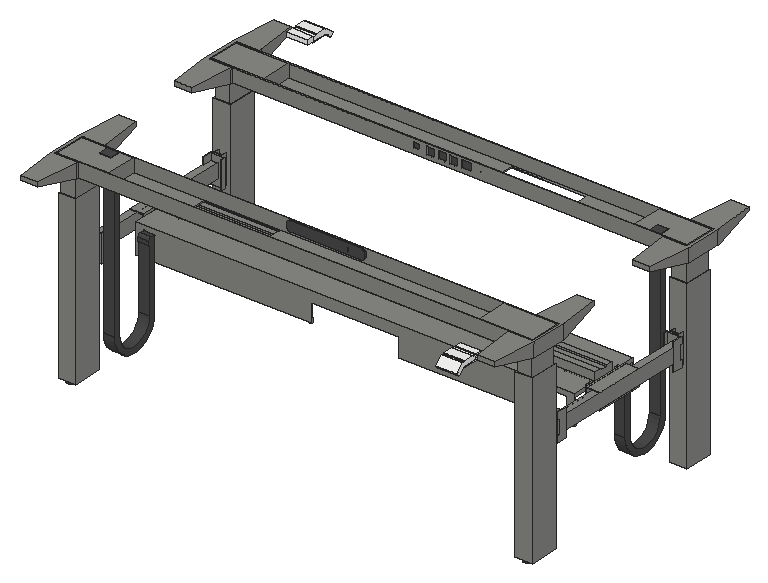
Revit family "Support-Teknion-HNBFNA_Navigate_Frame-R2016", category Furniture, Revit 2016 (continued)
Lines and regions (in)
  symbolic lines, style "Furniture", visible <- "Navigate Link (B)"
    curve 360: line (32.31575, 9.19492, 0) -> (32.42031, 9.19492, 0)
    curve 361: line (32.42031, 9.19492, 0) -> (32.42031, 10.46839, 0)
    curve 362: line (39.54728, -10.57295, 0) -> (39.54728, -9.19492, 0)
    curve 363: line (39.54728, -9.19492, 0) -> (39.44272, -9.19492, 0)
    curve 364: line (39.44272, -9.19492, 0) -> (39.44272, -10.46839, 0)
    curve 365: line (38.16933, -10.57295, 0) -> (39.54728, -10.57295, 0)
    curve 366: line (38.16933, -10.46839, 0) -> (38.16933, -10.57295, 0)
    curve 367: line (32.42031, -10.46839, 0) -> (39.44272, -10.46839, 0)
    curve 368: line (39.44272, -9.46839, 0) -> (32.42031, -9.46839, 0)
    curve 369: line (32.42031, -9.19492, 0) -> (32.31575, -9.19492, 0)
    curve 370: line (32.42031, -10.46839, 0) -> (32.42031, -9.19492, 0)
    curve 371: line (33.6937, -10.57295, 0) -> (33.6937, -10.46839, 0)
    curve 372: line (32.31575, -10.57295, 0) -> (33.6937, -10.57295, 0)
    curve 373: line (32.42031, 10.34339, 0) -> (39.44272, 10.34339, 0)
    curve 374: line (39.44272, 9.59339, 0) -> (32.42031, 9.59339, 0)
    curve 375: line (32.42031, -9.59339, 0) -> (39.44272, -9.59339, 0)
    curve 376: line (39.44272, -10.34339, 0) -> (32.42031, -10.34339, 0)
  reference lines, not visible
    curve 377: line (-35, -24, 0) -> (35, -24, 0)
    curve 378: line (-35, 24, 0) -> (35, 24, 0)
    curve 531: line (35.93152, 27.35029, 0) -> (35.93152, -28.07871, 0)
  symbolic lines, style "Furniture", visible <- "Navigate Mid Cover - Metal (A)"
    curve 379: line (-41.75852, 11.24, 0) -> (-30.10452, 11.24, 0)
    curve 380: line (-41.75852, -11.24, 0) -> (-41.75852, 11.24, 0)
    curve 381: line (-30.10452, -11.24, 0) -> (-41.75852, -11.24, 0)
    curve 382: line (-30.10452, 11.24, 0) -> (-30.10452, -11.24, 0)
  symbolic lines, style "Furniture", visible <- "Navigate Mid Cover - Metal (B)"
    curve 383: line (41.75852, 11.24, 0) -> (30.10452, 11.24, 0)
    curve 384: line (41.75852, -11.24, 0) -> (41.75852, 11.24, 0)
    curve 385: line (30.10452, -11.24, 0) -> (41.75852, -11.24, 0)
    curve 386: line (30.10452, 11.24, 0) -> (30.10452, -11.24, 0)
  symbolic lines, style "Furniture", visible <- "Power Pole Required (A)"
    curve 387: line (-37.18152, 1.375, 0) -> (-34.68152, 1.375, 0)
    curve 388: line (-34.68152, 1.375, 0) -> (-34.68152, -1.375, 0)
    curve 389: line (-34.68152, -1.375, 0) -> (-37.18152, -1.375, 0)
    curve 390: line (-37.18152, -1.375, 0) -> (-37.18152, 1.375, 0)
  symbolic lines, style "Furniture", visible <- "Power Pole Required (B)"
    curve 391: line (34.68152, 1.375, 0) -> (37.18152, 1.375, 0)
    curve 392: line (37.18152, 1.375, 0) -> (37.18152, -1.375, 0)
    curve 393: line (37.18152, -1.375, 0) -> (34.68152, -1.375, 0)
    curve 394: line (34.68152, -1.375, 0) -> (34.68152, 1.375, 0)
  symbolic lines, style "Furniture", visible <- "Horizontal Power Module"
    curve 395: line (-7.25, -1.975, 0) -> (-7.25, 1.975, 0)
    curve 396: line (7.25, 1.975, 0) -> (-7.25, 1.975, 0)
    curve 397: line (-7.25, -1.975, 0) -> (7.25, -1.975, 0)
    curve 398: line (7.25, -1.975, 0) -> (7.25, 1.975, 0)
    curve 399: line (-7.25, 1.394, 0) -> (7.25, 1.394, 0)
    curve 400: line (7.25, -1.394, 0) -> (-7.25, -1.394, 0)
    curve 401: line (7.25, 1.442, 0) -> (-7.25, 1.442, 0)
    curve 402: line (-7.25, -1.442, 0) -> (7.25, -1.442, 0)
    curve 403: line (-6.49606, 1.442, 0) -> (-6.49606, 1.56011, 0)
    curve 404: line (6.49606, 1.56011, 0) -> (-6.49606, 1.56011, 0)
    curve 405: line (6.49606, 1.56011, 0) -> (6.49606, 1.442, 0)
    curve 406: line (-6.49606, -1.56011, 0) -> (-6.49606, -1.442, 0)
    curve 407: line (6.49606, -1.442, 0) -> (6.49606, -1.56011, 0)
    curve 408: line (-6.49606, -1.56011, 0) -> (6.49606, -1.56011, 0)
    curve 409: line (-5.26609, 1.71736, 0) -> (-2.44402, 1.71736, 0)
    curve 410: line (-5.26609, 0.59163, 0) -> (-5.26609, 1.71736, 0)
    curve 411: line (-2.44402, 0.59163, 0) -> (-5.26609, 0.59163, 0)
    curve 412: line (-2.44402, 1.71736, 0) -> (-2.44402, 0.59163, 0)
    curve 413: line (2.4347, 1.71736, 0) -> (5.25677, 1.71736, 0)
    curve 414: line (2.4347, 0.59163, 0) -> (2.4347, 1.71736, 0)
    curve 415: line (5.25677, 0.59163, 0) -> (2.4347, 0.59163, 0)
    curve 416: line (5.25677, 1.71736, 0) -> (5.25677, 0.59163, 0)
    curve 417: line (-5.26609, -0.59163, 0) -> (-2.44402, -0.59163, 0)
    curve 418: line (-5.26609, -1.71736, 0) -> (-5.26609, -0.59163, 0)
    curve 419: line (-2.44402, -1.71736, 0) -> (-5.26609, -1.71736, 0)
    curve 420: line (-2.44402, -0.59163, 0) -> (-2.44402, -1.71736, 0)
    curve 421: line (2.4347, -0.59163, 0) -> (5.25677, -0.59163, 0)
    curve 422: line (2.4347, -1.71736, 0) -> (2.4347, -0.59163, 0)
    curve 423: line (5.25677, -1.71736, 0) -> (2.4347, -1.71736, 0)
    curve 424: line (5.25677, -0.59163, 0) -> (5.25677, -1.71736, 0)
  symbolic lines, style "Furniture", visible <- "Base Feed Cover (A)"
    curve 426: line (-27.77848, 1.1811, 0) -> (-30.14069, 1.1811, 0)
    curve 427: line (-27.77848, -1.1811, 0) -> (-27.77848, 1.1811, 0)
    curve 428: line (-30.14069, -1.1811, 0) -> (-27.77848, -1.1811, 0)
    curve 429: line (-30.05352, -0.94488, 0) -> (-27.63608, -0.94488, 0)
    curve 430: line (-30.05352, 0.94488, 0) -> (-27.63608, 0.94488, 0)
    curve 431: line (-27.63608, 1.41732, 0) -> (-27.63608, 0.94488, 0)
    curve 432: line (-27.63608, -0.94488, 0) -> (-27.63608, -1.41732, 0)
    curve 433: line (-27.63608, -1.41732, 0) -> (-26.26108, -1.41732, 0)
    curve 434: line (-26.26108, -1.41732, 0) -> (-26.26108, 1.41732, 0)
    curve 435: line (-26.26108, 1.41732, 0) -> (-27.63608, 1.41732, 0)
    curve 436: line (-30.05352, 0.94488, 0) -> (-30.05352, -0.94488, 0)
    curve 449: line (-27.87391, 0.94488, 0) -> (-27.87391, -0.94488, 0)
    curve 450: line (-30.09289, 1.1331, 0) -> (-27.82648, 1.1331, 0)
    curve 451: line (-27.82648, 1.1331, 0) -> (-27.82648, -1.1331, 0)
    curve 452: line (-27.82648, -1.1331, 0) -> (-30.09289, -1.1331, 0)
    curve 453: line (-30.09289, -1.1331, 0) -> (-30.09289, -0.5561, 0)
    curve 454: line (-30.09289, -0.5561, 0) -> (-30.14069, -0.5561, 0)
    curve 455: line (-30.09289, 0.5561, 0) -> (-30.09289, 1.1331, 0)
    curve 456: line (-30.14069, 0.5561, 0) -> (-30.09289, 0.5561, 0)
    curve 464: line (-20.86102, -1.3605, 0) -> (-20.86102, 1.3605, 0)
    curve 465: line (-20.86102, -1.3605, 0) -> (-15.64002, -1.3605, 0)
    curve 466: line (-15.64002, -1.3605, 0) -> (-15.64002, 1.3605, 0)
    curve 467: line (-15.64002, 1.3605, 0) -> (-20.86102, 1.3605, 0)
    curve 468: line (-20.81302, -1.9125, 0) -> (-20.81302, -1.3125, 0)
    curve 469: line (-20.81302, -1.9125, 0) -> (-18.34427, -1.9125, 0)
    curve 470: line (-18.34427, -1.50502, 0) -> (-18.34427, -1.9125, 0)
    curve 471: line (-18.15677, -1.50502, 0) -> (-18.34427, -1.50502, 0)
    curve 472: line (-18.15677, -1.9125, 0) -> (-18.15677, -1.50502, 0)
    curve 473: line (-18.15677, -1.9125, 0) -> (-15.68802, -1.9125, 0)
    curve 474: line (-15.68802, -1.3125, 0) -> (-15.68802, -1.9125, 0)
    curve 475: line (-20.81302, -1.3125, 0) -> (-15.68802, -1.3125, 0)
    curve 476: line (-20.81302, 1.3125, 0) -> (-20.81302, 1.9125, 0)
    curve 477: line (-19.50052, 1.9125, 0) -> (-20.81302, 1.9125, 0)
    curve 478: line (-19.50052, 1.9125, 0) -> (-19.50052, 1.3125, 0)
    curve 479: line (-15.68802, 1.3125, 0) -> (-20.81302, 1.3125, 0)
    curve 480: line (-17.00052, 1.3125, 0) -> (-17.00052, 1.9125, 0)
    curve 481: line (-15.68802, 1.9125, 0) -> (-17.00052, 1.9125, 0)
    curve 482: line (-15.68802, 1.9125, 0) -> (-15.68802, 1.3125, 0)
  symbolic lines, style "Furniture", visible <- "Base Feed Cover (B)"
    curve 437: line (30.14069, 1.1811, 0) -> (27.77848, 1.1811, 0)
    curve 438: line (27.77848, 1.1811, 0) -> (27.77848, -1.1811, 0)
    curve 439: line (27.77848, -1.1811, 0) -> (30.14069, -1.1811, 0)
    curve 440: line (27.63608, -0.94488, 0) -> (30.05352, -0.94488, 0)
    curve 441: line (27.63608, -1.41732, 0) -> (27.63608, -0.94488, 0)
    curve 442: line (26.26108, -1.41732, 0) -> (27.63608, -1.41732, 0)
    curve 443: line (26.26108, 1.41732, 0) -> (26.26108, -1.41732, 0)
    curve 444: line (27.63608, 1.41732, 0) -> (26.26108, 1.41732, 0)
    curve 445: line (27.63608, 0.94488, 0) -> (27.63608, 1.41732, 0)
    curve 446: line (30.05352, 0.94488, 0) -> (27.63608, 0.94488, 0)
    curve 447: line (30.05352, -0.94488, 0) -> (30.05352, 0.94488, 0)
    curve 448: line (27.87391, -0.94488, 0) -> (27.87391, 0.94488, 0)
    curve 457: line (30.09289, 0.5561, 0) -> (30.14069, 0.5561, 0)
    curve 458: line (30.09289, 1.1331, 0) -> (30.09289, 0.5561, 0)
    curve 459: line (27.82648, 1.1331, 0) -> (30.09289, 1.1331, 0)
    curve 460: line (27.82648, -1.1331, 0) -> (27.82648, 1.1331, 0)
    curve 461: line (30.09289, -1.1331, 0) -> (27.82648, -1.1331, 0)
    curve 462: line (30.09289, -0.5561, 0) -> (30.09289, -1.1331, 0)
    curve 463: line (30.14069, -0.5561, 0) -> (30.09289, -0.5561, 0)
    curve 483: line (15.64002, 1.3605, 0) -> (15.64002, -1.3605, 0)
    curve 484: line (20.86102, 1.3605, 0) -> (15.64002, 1.3605, 0)
    curve 485: line (15.64002, -1.3605, 0) -> (20.86102, -1.3605, 0)
    curve 486: line (20.86102, 1.3605, 0) -> (20.86102, -1.3605, 0)
    curve 487: line (15.68802, 1.9125, 0) -> (15.68802, 1.3125, 0)
    curve 488: line (15.68802, 1.3125, 0) -> (20.81302, 1.3125, 0)
    curve 489: line (20.81302, 1.3125, 0) -> (20.81302, 1.9125, 0)
    curve 490: line (20.81302, 1.9125, 0) -> (18.34427, 1.9125, 0)
    curve 491: line (18.34427, 1.9125, 0) -> (18.34427, 1.50502, 0)
    curve 492: line (18.34427, 1.50502, 0) -> (18.15677, 1.50502, 0)
    curve 493: line (18.15677, 1.50502, 0) -> (18.15677, 1.9125, 0)
    curve 494: line (18.15677, 1.9125, 0) -> (15.68802, 1.9125, 0)
    curve 495: line (15.68802, -1.9125, 0) -> (15.68802, -1.3125, 0)
    curve 496: line (17.00052, -1.9125, 0) -> (15.68802, -1.9125, 0)
    curve 497: line (17.00052, -1.3125, 0) -> (17.00052, -1.9125, 0)
    curve 498: line (15.68802, -1.3125, 0) -> (20.81302, -1.3125, 0)
    curve 499: line (19.50052, -1.9125, 0) -> (19.50052, -1.3125, 0)
    curve 500: line (20.81302, -1.9125, 0) -> (19.50052, -1.9125, 0)
    curve 501: line (20.81302, -1.3125, 0) -> (20.81302, -1.9125, 0)
  symbolic lines, style "Furniture", visible <- "Side B Right e-Chain"
    curve 502: line (-28.96197, 4.16509, 0) -> (-28.96197, 12.61647, 0)
    curve 503: line (-27.45803, 4.16509, 0) -> (-27.45803, 12.61647, 0)
    curve 504: line (-27.45803, 12.61647, 0) -> (-28.96197, 12.61647, 0)
    curve 505: line (-27.45803, 4.18333, 0) -> (-28.96197, 4.18333, 0)
    curve 524: line (-27.45803, 5.99584, 0) -> (-28.96197, 5.99584, 0)
    curve 525: line (-28.96197, 5.11444, 0) -> (-27.45803, 5.11444, 0)
    curve 526: line (-28.96197, 11.16222, 0) -> (-27.45803, 11.16222, 0)
  symbolic lines, style "Furniture", visible <- "Side B Left e-Chain"
    curve 506: line (27.45803, 4.16509, 0) -> (27.45803, 12.61647, 0)
    curve 507: line (28.96, 4.16509, 0) -> (28.96, 12.61647, 0)
    curve 508: line (28.96, 12.61647, 0) -> (27.45803, 12.61647, 0)
    curve 509: line (27.45803, 4.16509, 0) -> (28.96, 4.16509, 0)
    curve 521: line (27.45803, 11.16222, 0) -> (28.96, 11.16222, 0)
    curve 522: line (28.96, 5.99584, 0) -> (27.45803, 5.99584, 0)
    curve 523: line (27.45803, 5.11444, 0) -> (28.96, 5.11444, 0)
  symbolic lines, style "Furniture", visible <- "Side A Left e-Chain"
    curve 510: line (-28.96197, -4.16509, 0) -> (-28.96197, -12.61647, 0)
    curve 511: line (-28.96197, -4.18333, 0) -> (-27.45803, -4.18333, 0)
    curve 512: line (-27.45803, -4.16509, 0) -> (-27.45803, -12.61647, 0)
    curve 513: line (-28.96197, -12.61647, 0) -> (-27.45803, -12.61647, 0)
    curve 527: line (-27.45803, -5.11444, 0) -> (-28.96197, -5.11444, 0)
    curve 528: line (-28.96197, -5.99584, 0) -> (-27.45803, -5.99584, 0)
    curve 529: line (-27.45803, -11.16222, 0) -> (-28.96197, -11.16222, 0)
  symbolic lines, style "Furniture", visible <- "Side A Right e-Chain"
    curve 514: line (28.96, -12.61647, 0) -> (28.96, -4.16509, 0)
    curve 515: line (27.45803, -12.61647, 0) -> (27.45803, -4.16509, 0)
    curve 516: line (28.96, -4.18333, 0) -> (27.45803, -4.18333, 0)
    curve 517: line (27.45803, -12.61647, 0) -> (28.96, -12.61647, 0)
    curve 518: line (28.96, -5.11444, 0) -> (27.45803, -5.11444, 0)
    curve 519: line (27.45803, -5.99584, 0) -> (28.96, -5.99584, 0)
    curve 520: line (28.96, -11.16222, 0) -> (27.45803, -11.16222, 0)
  reference lines
    curve 530: line (-35.93152, 27.7145, 0) -> (-35.93152, -27.7145, 0)
    curve 532: line (35, -24, 0) -> (35, 24, 0)
    curve 533: line (-35, 24, 0) -> (-35, -24, 0)
Dimensions and locks (in)
  "Width": plane 4 "Left" to plane 5 "Right"
  "Depth": plane 6 "Back" to plane 7 "Front"
  "Actual Height": plane 8 "Top" to level
  equal spacing: plane 4 "Left", plane 3 "Center Left/Right", plane 5 "Right"
  equal spacing: plane 6 "Back", plane 1 "Center Front/Back", plane 7 "Front"
  equal spacing: plane 9, plane 1 "Center Front/Back", plane 11
  "Actual Depth": plane 9 to plane 11
  equal spacing: plane 12, plane 3 "Center Left/Right", plane 10
  "Actual Width": plane 12 to plane 10
  locked: Sweep 1 sketch curve to level at 0.33333
  plane 8 "Top" to Sweep 2 sketch curve to Sweep 2 sketch curve = 1.81102" locked, 22.67715" locked
  plane 9 to Sweep 2 sketch curve to Sweep 2 sketch curve = 6.69281" locked, 3.54333" locked  (x2)
  plane 12 to Sweep 2 sketch curve to Sweep 2 sketch curve = 0.85267", 1.9685" locked  (x2)
  locked: plane 8 "Top" to Sweep 3 sketch curve at 1.92913
  Sweep 3 sketch curve to plane 9 to Sweep 3 sketch curve to Sweep 3 sketch curve to Sweep 3 sketch curve to Sweep 3 sketch curve to Sweep 3 sketch curve to Sweep 3 sketch curve to Sweep 3 sketch curve = 0.00011" locked, 5.94478" locked, 0.000" locked, 0.18986" locked, 4.65965" locked, 0.18986" locked, 0.000" locked, 5.94488" locked  (x2)
  plane 12 to Sweep 3 sketch curve to Sweep 3 sketch curve to Sweep 3 sketch curve to Sweep 3 sketch curve to Sweep 3 sketch curve to Sweep 3 sketch curve to Sweep 3 sketch curve to Sweep 3 sketch curve = 0.00023" locked, 0.46244" locked, 0.12811" locked, 0.000" locked, 2.3622" locked, 0.000" locked, 0.59055" locked, 0.000" locked  (x2)
  Sweep 3 sketch curve to Sweep 3 sketch curve to Sweep 3 sketch curve to Sweep 3 sketch curve to Sweep 3 sketch curve to Sweep 3 sketch curve to Sweep 3 sketch curve to Sweep 3 sketch curve to plane 10 = 0.000" locked, 0.59055" locked, 0.000" locked, 2.3622" locked, 0.000" locked, 0.12811" locked, 0.46244" locked, 0.00023" locked  (x2)
  Sweep 3 sketch curve to plane 11 to Sweep 3 sketch curve to Sweep 3 sketch curve to Sweep 3 sketch curve to Sweep 3 sketch curve to Sweep 3 sketch curve to Sweep 3 sketch curve to Sweep 3 sketch curve = 0.00011" locked, 5.94478" locked, 0.000" locked, 0.18986" locked, 4.65965" locked, 0.18986" locked, 0.000" locked, 5.94488" locked  (x2)
  locked: plane 8 "Top" to Sweep 4 sketch curve at 1.81102
  plane 9 to Sweep 4 sketch curve to Sweep 4 sketch curve = 6.29911" locked, 4.33071" locked  (x2)
  plane 11 to Sweep 4 sketch curve to Sweep 4 sketch curve = 6.29911" locked, 4.33071" locked
  Sweep 4 sketch curve to Sweep 4 sketch curve to plane 11 = 4.33071" locked, 6.29911" locked
  Sweep 4 sketch curve to Sweep 4 sketch curve to plane 10 = 7.24409" locked, 0.46267" locked  (x2)
  plane 12 to Sweep 4 sketch curve to Sweep 4 sketch curve = 0.46267" locked, 7.24409" locked  (x2)
  plane 8 "Top" to Sweep 5 sketch curve to Sweep 5 sketch curve to Sweep 5 sketch curve to Sweep 5 sketch curve to Sweep 5 sketch curve to Sweep 5 sketch curve = 0.59058" locked, 0.000" locked, 0.000" locked, 1.33856" locked, 0.000" locked, 3.01809" locked
  plane 9 to Sweep 5 sketch curve to Sweep 5 sketch curve to Sweep 5 sketch curve to Sweep 5 sketch curve = 0.000" locked, 5.87286" locked, 5.18321" locked, 5.87286" locked
  Sweep 5 sketch curve to Sweep 5 sketch curve to Sweep 5 sketch curve to plane 11 to Sweep 5 sketch curve = 5.87286" locked, 5.18321" locked, 5.87286" locked, 0.000" locked
  locked: plane 12 to Sweep 6 sketch curve at 0.46267
  locked: Sweep 6 sketch curve to plane 10 at 0.46267
  plane 9 to Sweep 6 sketch curve to Sweep 6 sketch curve to Sweep 6 sketch curve to Sweep 6 sketch curve = 6.17088" locked, 0.1046" locked, 4.37795" locked, 0.1046" locked
  plane 8 "Top" to Sweep 6 sketch curve to Sweep 6 sketch curve to Sweep 6 sketch curve to Sweep 6 sketch curve = 0.000" locked, 0.000" locked, 1.81102" locked, 0.1046" locked  (x2)
  Sweep 6 sketch curve to Sweep 6 sketch curve to Sweep 6 sketch curve to Sweep 6 sketch curve to plane 11 = 0.1046" locked, 4.37795" locked, 0.1046" locked, 6.17088" locked
  Sweep 7 sketch curve to Sweep 7 sketch curve to level = 3.76378" locked, 13.02835" locked
  plane 9 to Sweep 7 sketch curve to Sweep 7 sketch curve to Sweep 7 sketch curve to Sweep 7 sketch curve = 11.14163" locked, 0.13449" locked, 0.45606" locked, 0.7874" locked  (x2)
  plane 11 to Sweep 7 sketch curve to Sweep 7 sketch curve to Sweep 7 sketch curve to Sweep 7 sketch curve = 11.14163" locked, 0.13449" locked, 0.45606" locked, 0.7874" locked  (x2)
  Sweep 7 sketch curve to Sweep 7 sketch curve to Sweep 7 sketch curve to Sweep 7 sketch curve to plane 10 = 0.13449" locked, 1.74677" locked, 0.13449" locked, 0.83275" locked  (x2)
  plane 12 to Sweep 7 sketch curve to Sweep 7 sketch curve to Sweep 7 sketch curve to Sweep 7 sketch curve = 0.83275" locked, 0.13449" locked, 1.74677" locked, 0.13449" locked  (x2)
  plane 9 to Sweep 8 sketch curve to Sweep 8 sketch curve = 10.43299" locked, 0.98337" locked
  Sweep 8 sketch curve to Sweep 8 sketch curve to level = 1.99993" locked, 13.91027" locked  (x2)
  Sweep 8 sketch curve to plane 10 to Sweep 8 sketch curve = 1.21724" locked, 0.000" locked
  Sweep 8 sketch curve to plane 12 to Sweep 8 sketch curve = 1.21724" locked, 0.000" locked
  plane 11 to Sweep 9 sketch curve to Sweep 9 sketch curve = 10.23614" locked, 1.18022" locked
  Sweep 9 sketch curve to Sweep 9 sketch curve to level = 1.99993" locked, 13.91027" locked  (x2)
  Sweep 9 sketch curve to plane 10 to Sweep 9 sketch curve = 1.21724" locked, 0.000" locked
  Sweep 9 sketch curve to plane 12 to Sweep 9 sketch curve = 1.21724" locked, 0.000" locked
  Sweep 10 sketch curve to Sweep 10 sketch curve to level = 4.000" locked, 12.91024" locked
  plane 12 to Sweep 10 sketch curve to Sweep 10 sketch curve to Sweep 10 sketch curve to Sweep 10 sketch curve = 1.25007" locked, 0.13449" locked, 0.91213" locked, 0.13449" locked  (x2)
  plane 11 to Sweep 10 sketch curve to Sweep 10 sketch curve to Sweep 10 sketch curve to Sweep 10 sketch curve = 10.43299" locked, 0.000" locked, 0.57415" locked, 0.13449" locked  (x2)
  Sweep 10 sketch curve to Sweep 10 sketch curve to Sweep 10 sketch curve to Sweep 10 sketch curve to plane 10 = 0.13449" locked, 0.91213" locked, 0.13449" locked, 1.25007" locked  (x2)
  plane 9 to Sweep 10 sketch curve to Sweep 10 sketch curve to Sweep 10 sketch curve to Sweep 10 sketch curve = 10.43299" locked, 0.000" locked, 0.57415" locked, 0.13449" locked  (x2)
  locked: plane 9 to Sweep 11 sketch curve at 11.27611
  locked: plane 11 to Sweep 11 sketch curve at 11.27611
  Sweep 11 sketch curve to Sweep 11 sketch curve to Sweep 11 sketch curve to Sweep 11 sketch curve to plane 12 = 0.125" locked, 0.750" locked, 0.125" locked, 0.96724" locked
  Sweep 11 sketch curve to Sweep 11 sketch curve to Sweep 11 sketch curve to Sweep 11 sketch curve to plane 10 = 0.125" locked, 0.750" locked, 0.125" locked, 0.96724" locked
  Sweep 11 sketch curve to Sweep 11 sketch curve to Sweep 11 sketch curve to Sweep 11 sketch curve to level = 0.125" locked, 1.750" locked, 0.12497" locked, 13.91027" locked  (x2)
  Sweep 12 sketch curve to plane 1 "Center Front/Back" to Sweep 12 sketch curve = 3.34646" locked, 3.34646" locked
  locked: plane 8 "Top" to Sweep 13 sketch curve at 2.5
  plane 11 to Sweep 13 sketch curve to Sweep 13 sketch curve = 6.27548" locked, 4.37795" locked  (x2)
  plane 12 to Sweep 13 sketch curve to Sweep 13 sketch curve = 0.46267" locked, 2.75591" locked  (x2)
  Sweep 13 sketch curve to Sweep 13 sketch curve to plane 10 = 2.75591" locked, 0.46267" locked  (x2)
  plane 9 to Sweep 13 sketch curve to Sweep 13 sketch curve = 6.27548" locked, 4.37795" locked  (x2)
  locked: plane 8 "Top" to Sweep 14 sketch curve at 2.5
  locked: Sweep 14 sketch curve to Sweep 14 sketch curve at 10.35433  (x2)
  plane 11 to Sweep 14 sketch curve to Sweep 14 sketch curve = 6.5449" locked, 3.83912" locked
  plane 9 to Sweep 14 sketch curve to Sweep 14 sketch curve = 6.5449" locked, 3.83912" locked
  "Frame Cutout Offset": plane 3 "Center Left/Right" to Sweep 14 sketch curve
  "Frame Cutout Offset": Sweep 14 sketch curve to plane 3 "Center Left/Right"
  plane 9 to Sweep 15 sketch curve to Sweep 15 sketch curve = 9.500" locked, 2.000" locked
  cut or joined group of Sweep 6, Sweep 13, Sweep 14, Sweep 15, Sweep 16 to Sweep 15 sketch curve to Sweep 15 sketch curve to Sweep 15 sketch curve to Sweep 15 sketch curve to Sweep 15 sketch curve to Sweep 15 sketch curve to Sweep 15 sketch curve to Sweep 15 sketch curve to Sweep 15 sketch curve to Sweep 15 sketch curve = 2.08579" locked, 1.43819" locked, 0.47244" locked, 1.10236" locked, 0.47244" locked, 1.10236" locked, 0.47244" locked, 1.10236" locked, 0.98327" locked, 0.86811" locked
  plane 8 "Top" to Sweep 15 sketch curve to Sweep 15 sketch curve to Sweep 15 sketch curve to Sweep 15 sketch curve to Sweep 15 sketch curve to Sweep 15 sketch curve to Sweep 15 sketch curve to Sweep 15 sketch curve to Sweep 15 sketch curve to Sweep 15 sketch curve = 0.25591" locked, 0.000" locked, 0.000" locked, 0.000" locked, 0.11713" locked, 0.86811" locked, 0.11713" locked, 0.000" locked, 0.000" locked, 0.000" locked
  plane 11 to Sweep 16 sketch curve to Sweep 16 sketch curve = 8.500" locked, 2.500" locked
  Sweep 16 sketch curve to Sweep 16 sketch curve to Sweep 16 sketch curve to Sweep 16 sketch curve to Sweep 16 sketch curve to Sweep 16 sketch curve to Sweep 16 sketch curve to Sweep 16 sketch curve to Sweep 16 sketch curve to Sweep 16 sketch curve to cut or joined group of Sweep 6, Sweep 13, Sweep 14, Sweep 15, Sweep 16 = 0.86811" locked, 0.98327" locked, 1.10236" locked, 0.47244" locked, 1.10236" locked, 0.47244" locked, 1.10236" locked, 0.47244" locked, 1.43819" locked, 2.08579" locked
  plane 8 "Top" to Sweep 16 sketch curve to Sweep 16 sketch curve to Sweep 16 sketch curve to Sweep 16 sketch curve to Sweep 16 sketch curve to Sweep 16 sketch curve to Sweep 16 sketch curve to Sweep 16 sketch curve to Sweep 16 sketch curve to Sweep 16 sketch curve = 0.25591" locked, 0.000" locked, 0.000" locked, 0.000" locked, 0.11713" locked, 0.86811" locked, 0.11713" locked, 0.000" locked, 0.000" locked, 0.000" locked
  Sweep 17 sketch curve to Sweep 17 sketch curve to plane 9 = 0.1378" locked, 10.51564" locked
  Sweep 17 sketch curve to Sweep 17 sketch curve to Sweep 17 sketch curve to Sweep 17 sketch curve to Sweep 17 sketch curve to Sweep 17 sketch curve to cut or joined group of Sweep 6, Sweep 13, Sweep 14, Sweep 15, Sweep 16 = 0.59296" locked, 0.000" locked, 9.56693" locked, 0.000" locked, 0.59296" locked, 0.90346" locked
  plane 8 "Top" to Sweep 17 sketch curve to Sweep 17 sketch curve to Sweep 17 sketch curve to Sweep 17 sketch curve to Sweep 17 sketch curve to Sweep 17 sketch curve = 0.09602" locked, 0.59296" locked, 0.000" locked, 0.23622" locked, 0.000" locked, 0.59296" locked
  Sweep 18 sketch curve to Sweep 18 sketch curve to plane 11 = 0.1378" locked, 10.51564" locked
  Sweep 18 sketch curve to Sweep 18 sketch curve to Sweep 18 sketch curve to Sweep 18 sketch curve to Sweep 18 sketch curve to Sweep 18 sketch curve to cut or joined group of Sweep 6, Sweep 13, Sweep 14, Sweep 15, Sweep 16 = 0.59055" locked, 0.000" locked, 9.56693" locked, 0.000" locked, 0.59055" locked, 0.90587" locked
  plane 8 "Top" to Sweep 18 sketch curve to Sweep 18 sketch curve to Sweep 18 sketch curve to Sweep 18 sketch curve to Sweep 18 sketch curve to Sweep 18 sketch curve = 0.09842" locked, 0.59055" locked, 0.000" locked, 0.23622" locked, 0.000" locked, 0.59055" locked
  "Outer Leg Layer Height": Sweep 1 sketch curve to Sweep 1 sketch curve
  locked: plane 14 to level at 18.28633
  locked: plane 8 "Top" to plane 13 at 1.81102
  equal spacing: plane 13, plane 15, plane 14
  plane 15 to Sweep 19 sketch curve to Sweep 19 sketch curve = 0.000" locked, 17.638" locked
  plane 12 to Sweep 1 sketch curve to Sweep 1 sketch curve to Sweep 1 sketch curve to Sweep 1 sketch curve = 0.65581" locked, 0.000" locked, 2.3622" locked, 0.000" locked
  Sweep 1 sketch curve to Sweep 1 sketch curve to Sweep 1 sketch curve to Sweep 1 sketch curve to plane 10 = 0.000" locked, 2.3622" locked, 0.000" locked, 0.65581" locked
  plane 9 to Sweep 1 sketch curve to Sweep 1 sketch curve to Sweep 1 sketch curve to Sweep 1 sketch curve = 6.49598" locked, 0.000" locked, 3.93701" locked, 0.000" locked
  plane 11 to Sweep 1 sketch curve to Sweep 1 sketch curve to Sweep 1 sketch curve to Sweep 1 sketch curve = 6.49598" locked, 0.000" locked, 3.93701" locked, 0.000" locked
  plane 10 to Sweep 2 sketch curve to Sweep 2 sketch curve = 0.86008", 1.9685" locked  (x2)
  plane 11 to Sweep 2 sketch curve to Sweep 2 sketch curve = 6.69281" locked, 3.54333" locked  (x2)
  plane 9 to Sweep 19 sketch curve to Sweep 19 sketch curve = 6.69281" locked, 3.54331" locked  (x2)
  plane 12 to Sweep 19 sketch curve to Sweep 19 sketch curve = 0.85267" locked, 1.9685" locked  (x2)
  plane 10 to Sweep 19 sketch curve to Sweep 19 sketch curve = 0.86008" locked, 1.9685" locked
  plane 11 to Sweep 19 sketch curve to Sweep 19 sketch curve = 6.69281" locked, 3.54331" locked  (x2)
  plane 10 to Sweep 19 sketch curve to Sweep 19 sketch curve = 0.86008", 1.9685" locked
  locked: plane 13 to Sweep 20 sketch curve at 17.146
  plane 12 to Sweep 20 sketch curve to Sweep 20 sketch curve = 1.05322" locked, 1.5748" locked  (x2)
  plane 9 to Sweep 20 sketch curve to Sweep 20 sketch curve = 6.88966" locked, 3.14961" locked  (x2)
  plane 10 to Sweep 20 sketch curve to Sweep 20 sketch curve = 1.05322" locked, 1.5748" locked  (x2)
  plane 11 to Sweep 20 sketch curve to Sweep 20 sketch curve = 6.88966" locked, 3.14961" locked  (x2)
  Sweep 21 sketch curve to Sweep 21 sketch curve to level = 0.20065" locked, 0.13267" locked
  Sweep 21 sketch curve to Sweep 21 sketch curve to Sweep 21 sketch curve to Sweep 21 sketch curve to Sweep 21 sketch curve to Sweep 21 sketch curve to Sweep 21 sketch curve to Sweep 21 sketch curve to plane 10 = 0.000" locked, 0.33465" locked, 0.000" locked, 0.000" locked, 0.000" locked, 0.33465" locked, 0.000" locked, 1.50598" locked
  plane 12 to Sweep 21 sketch curve to Sweep 21 sketch curve to Sweep 21 sketch curve to Sweep 21 sketch curve to Sweep 21 sketch curve to Sweep 21 sketch curve to Sweep 21 sketch curve to Sweep 21 sketch curve = 1.50598" locked, 0.000" locked, 0.33465" locked, 0.000" locked, 0.000" locked, 0.000" locked, 0.33465" locked, 0.000" locked
  plane 9 to Sweep 21 sketch curve to Sweep 21 sketch curve to Sweep 21 sketch curve to Sweep 21 sketch curve to Sweep 21 sketch curve to Sweep 21 sketch curve to Sweep 21 sketch curve to Sweep 21 sketch curve to Sweep 21 sketch curve to Sweep 21 sketch curve to Sweep 21 sketch curve to Sweep 21 sketch curve = 6.84223" locked, 0.000" locked, 0.19321" locked, 0.000" locked, 0.000" locked, 0.000" locked, 0.38642" locked, 0.000" locked, 0.000" locked, 0.000" locked, 0.19321" locked, 0.000" locked
  plane 11 to Sweep 21 sketch curve to Sweep 21 sketch curve to Sweep 21 sketch curve to Sweep 21 sketch curve to Sweep 21 sketch curve to Sweep 21 sketch curve to Sweep 21 sketch curve to Sweep 21 sketch curve to Sweep 21 sketch curve to Sweep 21 sketch curve to Sweep 21 sketch curve to Sweep 21 sketch curve = 6.84223", 0.000" locked, 0.19321" locked, 0.000" locked, 0.000" locked, 0.000" locked, 0.38642" locked, 0.000" locked, 0.000" locked, 0.000" locked, 0.19321" locked, 0.000" locked
  locked: Sweep 22 sketch curve to level at 0.13267
  locked: plane 12 to Sweep 22 sketch curve at 1.84063  (x2)
  locked: plane 9 to Sweep 22 sketch curve at 7.22864  (x2)
  locked: Sweep 22 sketch curve to plane 10 at 1.84063  (x2)
  locked: plane 11 to Sweep 22 sketch curve at 7.22864  (x2)
  plane 12 to Sweep 23 sketch curve to Sweep 23 sketch curve = 3.25287" locked, 2.81331" locked
  Sweep 23 sketch curve to Sweep 23 sketch curve to plane 6 "Back" to Sweep 23 sketch curve to Sweep 23 sketch curve to Sweep 23 sketch curve to Sweep 23 sketch curve to Sweep 23 sketch curve to Sweep 23 sketch curve to Sweep 23 sketch curve to Sweep 23 sketch curve to Sweep 23 sketch curve to Sweep 23 sketch curve to Sweep 23 sketch curve to Sweep 23 sketch curve = 0.32636" locked, 0.641" locked, 0.01808" locked, 0.18655" locked, 0.15859" locked, 0.03618" locked, 0.04173" locked, 1.31654" locked, 0.49996" locked, 0.02786" locked, 0.06829" locked, 0.04657" locked, 0.07139" locked, 0.79464" locked
  plane 8 "Top" to Sweep 23 sketch curve to Sweep 23 sketch curve to Sweep 23 sketch curve to Sweep 23 sketch curve to Sweep 23 sketch curve to Sweep 23 sketch curve to Sweep 23 sketch curve to Sweep 23 sketch curve = 0.13841" locked, 0.000" locked, 0.50625" locked, 0.05613" locked, 0.04004" locked, 0.07791" locked, 0.14655" locked, 0.38894" locked
  Sweep 24 sketch curve to Sweep 24 sketch curve to plane 10 = 2.81331" locked, 3.25287" locked
  Sweep 24 sketch curve to Sweep 24 sketch curve to plane 7 "Front" to Sweep 24 sketch curve to Sweep 24 sketch curve to Sweep 24 sketch curve to Sweep 24 sketch curve to Sweep 24 sketch curve to Sweep 24 sketch curve to Sweep 24 sketch curve to Sweep 24 sketch curve to Sweep 24 sketch curve to Sweep 24 sketch curve to Sweep 24 sketch curve to Sweep 24 sketch curve = 0.32636" locked, 0.641" locked, 0.01808" locked, 0.18655" locked, 0.15859" locked, 0.03618" locked, 0.04173" locked, 1.31654" locked, 0.49996" locked, 0.02786" locked, 0.06829" locked, 0.04657" locked, 0.07139" locked, 0.79464" locked
  plane 8 "Top" to Sweep 24 sketch curve to Sweep 24 sketch curve to Sweep 24 sketch curve to Sweep 24 sketch curve to Sweep 24 sketch curve to Sweep 24 sketch curve to Sweep 24 sketch curve to Sweep 24 sketch curve = 0.13841" locked, 0.000" locked, 0.50625" locked, 0.05613" locked, 0.04004" locked, 0.07791" locked, 0.14655" locked, 0.38894" locked
  Masking region 1 sketch curve to Masking region 1 sketch curve to plane 10 = 2.81331" locked, 3.25287" locked
  Masking region 1 sketch curve to plane 7 "Front" to Masking region 1 sketch curve = 0.96736" locked, 0.000" locked
  plane 12 to Masking region 1 sketch curve to Masking region 1 sketch curve = 3.25287" locked, 2.81331" locked
  Masking region 1 sketch curve to plane 6 "Back" to Masking region 1 sketch curve = 0.96736" locked, 0.000" locked
  Sweep 12 sketch curve to Sweep 12 sketch curve to Sweep 12 sketch curve to Sweep 12 sketch curve to Sweep 12 sketch curve to Sweep 12 sketch curve to Sweep 12 sketch curve to Sweep 12 sketch curve to level = 0.000" locked, 0.1046" locked, 0.000" locked, 1.99993" locked, 0.000" locked, 0.1046" locked, 0.000" locked, 13.80567" locked
  Sweep 12 sketch curve to Sweep 12 sketch curve to Sweep 12 sketch curve to Sweep 12 sketch curve to plane 12 = 0.10459" locked, 1.77667" locked, 0.000" locked, 0.96724" locked
  Sweep 12 sketch curve to Sweep 12 sketch curve to Sweep 12 sketch curve to Sweep 12 sketch curve to plane 10 = 0.10459" locked, 1.77667" locked, 0.000" locked, 0.96724" locked
  locked: plane 12 to Sweep 25 sketch curve at 3.0685
  locked: Sweep 25 sketch curve to plane 10 at 3.0685
  Sweep 26 sketch curve to plane 1 "Center Front/Back" to Sweep 26 sketch curve = 5.500" locked, 5.500" locked
  Sweep 26 sketch curve to plane 3 "Center Left/Right" to Sweep 26 sketch curve = 6.000" locked, 6.000" locked
  Sweep 26 sketch curve to Sweep 26 sketch curve to level = 2.500" locked, 11.8398" locked
  Sweep 26 sketch curve to Sweep 26 sketch curve to plane 12 = 1.550" locked, 4.1635" locked
  Sweep 26 sketch curve to Sweep 26 sketch curve to plane 10 = 1.550" locked, 4.1635" locked
  Sweep 26 sketch curve to Sweep 26 sketch curve to level = 2.000" locked, 13.2199"
  Sweep 26 sketch curve to Sweep 26 sketch curve to level = 2.000" locked, 13.2218" locked
  Sweep 27 sketch curve to plane 1 "Center Front/Back" to Sweep 27 sketch curve = 2.65018" locked, 2.66232" locked
  Sweep 27 sketch curve to Sweep 27 sketch curve to Sweep 27 sketch curve to plane 12 = 3.895" locked, 0.10468" locked, 2.8485" locked
  Sweep 27 sketch curve to Sweep 27 sketch curve to Sweep 27 sketch curve to plane 10 = 3.895" locked, 0.10468" locked, 2.8485" locked
  Sweep 27 sketch curve to Sweep 27 sketch curve to Sweep 27 sketch curve to Sweep 27 sketch curve to Sweep 27 sketch curve to Sweep 27 sketch curve to Sweep 27 sketch curve to Sweep 27 sketch curve to level = 0.000" locked, 0.350" locked, 0.000" locked, 1.00776" locked, 0.000" locked, 0.51224" locked, 0.000" locked, 13.9218" locked
  Sweep 25 sketch curve to Sweep 25 sketch curve to Sweep 25 sketch curve to Sweep 25 sketch curve to Sweep 25 sketch curve to Sweep 25 sketch curve to Sweep 25 sketch curve to plane 1 "Center Front/Back" to Sweep 25 sketch curve to Sweep 25 sketch curve to Sweep 25 sketch curve to Sweep 25 sketch curve to Sweep 25 sketch curve to Sweep 25 sketch curve to Sweep 25 sketch curve = 0.048" locked, 0.060" locked, 0.048" locked, 3.36762" locked, 0.93638" locked, 0.010" locked, 0.530" locked, 0.530" locked, 0.010" locked, 0.93638" locked, 3.36762" locked, 0.048" locked, 0.060" locked, 0.048" locked
  Sweep 25 sketch curve to Sweep 25 sketch curve to Sweep 25 sketch curve to Sweep 25 sketch curve to Sweep 25 sketch curve to Sweep 25 sketch curve to Sweep 25 sketch curve to Sweep 25 sketch curve to Sweep 25 sketch curve to Sweep 25 sketch curve to Sweep 25 sketch curve to Sweep 25 sketch curve to level = 0.000" locked, 0.188" locked, 0.937" locked, 0.000" locked, 0.498" locked, 2.877" locked, 0.000" locked, 0.57474" locked, 0.000" locked, 0.05026" locked, 0.000" locked, 11.8398" locked
  Sweep 28 sketch curve to Sweep 28 sketch curve to level = 4.000" locked, 11.7918" locked
  plane 12 to Sweep 28 sketch curve to Sweep 28 sketch curve to Sweep 28 sketch curve to Sweep 28 sketch curve = 3.0685" locked, 0.375" locked, 0.000" locked, 3.655" locked
  Sweep 28 sketch curve to Sweep 28 sketch curve to Sweep 28 sketch curve to Sweep 28 sketch curve to plane 10 = 3.655" locked, 0.000" locked, 0.375" locked, 3.0685" locked
  Sweep 28 sketch curve to Sweep 28 sketch curve to plane 1 "Center Front/Back" to Sweep 28 sketch curve to Sweep 28 sketch curve = 1.000" locked, 1.875" locked, 1.875" locked, 1.000" locked  (x2)
  locked: Sweep 29 sketch curve to plane 10 at 2.95318
  locked: plane 12 to Sweep 29 sketch curve at 2.95318
  locked: plane 12 to Sweep 30 sketch curve at 3.0685
  locked: Sweep 30 sketch curve to plane 10 at 3.0685
  Sweep 30 sketch curve to Sweep 30 sketch curve to Sweep 30 sketch curve to Sweep 30 sketch curve to Sweep 30 sketch curve to Sweep 30 sketch curve to Sweep 30 sketch curve to plane 1 "Center Front/Back" to Sweep 30 sketch curve to Sweep 30 sketch curve to Sweep 30 sketch curve to Sweep 30 sketch curve to Sweep 30 sketch curve to Sweep 30 sketch curve to Sweep 30 sketch curve = 0.048" locked, 0.060" locked, 0.048" locked, 3.36762" locked, 0.93638" locked, 0.010" locked, 0.530" locked, 0.530" locked, 0.010" locked, 0.93638" locked, 3.36762" locked, 0.048" locked, 0.060" locked, 0.048" locked
  Sweep 30 sketch curve to Sweep 30 sketch curve to Sweep 30 sketch curve to Sweep 30 sketch curve to Sweep 30 sketch curve to Sweep 30 sketch curve to Sweep 30 sketch curve to Sweep 30 sketch curve to Sweep 30 sketch curve to Sweep 30 sketch curve to Sweep 30 sketch curve to Sweep 30 sketch curve to level = 0.000" locked, 0.188" locked, 0.937" locked, 0.000" locked, 0.498" locked, 2.877" locked, 0.000" locked, 0.57474" locked, 0.000" locked, 0.05026" locked, 0.000" locked, 11.8398" locked
  locked: Sweep 31 sketch curve to plane 1 "Center Front/Back" at 5.5
  Sweep 31 sketch curve to Sweep 31 sketch curve to level = 2.000" locked, 13.2218" locked
  Sweep 31 sketch curve to Sweep 31 sketch curve to level = 2.000" locked, 13.2199" locked
  Sweep 31 sketch curve to Sweep 31 sketch curve to plane 10 = 1.550" locked, 4.1635" locked
  Sweep 31 sketch curve to Sweep 31 sketch curve to plane 12 = 1.550" locked, 4.1635" locked
  Sweep 31 sketch curve to plane 3 "Center Left/Right" to Sweep 31 sketch curve = 6.000" locked, 6.000" locked
  Sweep 31 sketch curve to Sweep 31 sketch curve to level = 2.500" locked, 11.8398" locked
  Sweep 32 sketch curve to Sweep 32 sketch curve to level = 5.000" locked, 10.7918" locked
  plane 12 to Sweep 32 sketch curve to Sweep 32 sketch curve to Sweep 32 sketch curve = 3.0685" locked, 0.375" locked, 3.655" locked
  Sweep 32 sketch curve to Sweep 32 sketch curve to Sweep 32 sketch curve to plane 10 = 3.655" locked, 0.375" locked, 3.0685" locked
  Sweep 32 sketch curve to Sweep 32 sketch curve to plane 1 "Center Front/Back" to Sweep 32 sketch curve = 2.000" locked, 2.625" locked, 4.844" locked  (x2)
  Sweep 33 sketch curve to plane 1 "Center Front/Back" to Sweep 33 sketch curve = 1.7885" locked, 4.7115" locked
  Sweep 33 sketch curve to Sweep 33 sketch curve to Sweep 33 sketch curve to plane 12 = 3.895" locked, 0.105" locked, 2.9955" locked
  Sweep 33 sketch curve to Sweep 33 sketch curve to Sweep 33 sketch curve to plane 10 = 3.895" locked, 0.105" locked, 2.9955" locked
  Sweep 33 sketch curve to Sweep 33 sketch curve to Sweep 33 sketch curve to Sweep 33 sketch curve to level = 0.35216" locked, 1.00776" locked, 0.79798" locked, 13.6339" locked  (x2)
  locked: plane 12 to Sweep 34 sketch curve at 3.1005
  locked: Sweep 34 sketch curve to plane 10 at 3.1005
  Sweep 34 sketch curve to plane 1 "Center Front/Back" to Sweep 34 sketch curve = 4.6065" locked, 1.6835" locked
  Sweep 34 sketch curve to Sweep 34 sketch curve to level = 2.051" locked, 13.6339" locked
  locked: plane 12 to Sweep 35 sketch curve at 3.0685
  locked: Sweep 35 sketch curve to plane 10 at 3.0685
  Sweep 35 sketch curve to Sweep 35 sketch curve to Sweep 35 sketch curve to Sweep 35 sketch curve to Sweep 35 sketch curve to Sweep 35 sketch curve to Sweep 35 sketch curve to plane 1 "Center Front/Back" to Sweep 35 sketch curve to Sweep 35 sketch curve to Sweep 35 sketch curve to Sweep 35 sketch curve to Sweep 35 sketch curve to Sweep 35 sketch curve to Sweep 35 sketch curve = 0.048" locked, 0.060" locked, 0.048" locked, 3.36762" locked, 0.93638" locked, 0.010" locked, 0.530" locked, 0.530" locked, 0.010" locked, 0.93638" locked, 3.36762" locked, 0.048" locked, 0.060" locked, 0.048" locked
  Sweep 35 sketch curve to Sweep 35 sketch curve to Sweep 35 sketch curve to Sweep 35 sketch curve to Sweep 35 sketch curve to Sweep 35 sketch curve to Sweep 35 sketch curve to Sweep 35 sketch curve to Sweep 35 sketch curve to Sweep 35 sketch curve to Sweep 35 sketch curve to Sweep 35 sketch curve to level = 0.000" locked, 0.188" locked, 0.937" locked, 0.000" locked, 0.498" locked, 2.877" locked, 0.000" locked, 0.57474" locked, 0.000" locked, 0.05026" locked, 0.000" locked, 11.8398" locked
  locked: plane 1 "Center Front/Back" to Sweep 36 sketch curve at 5.5
  Sweep 36 sketch curve to Sweep 36 sketch curve to level = 2.000" locked, 13.2218" locked
  Sweep 36 sketch curve to Sweep 36 sketch curve to level = 2.000" locked, 13.2199" locked
  Sweep 36 sketch curve to Sweep 36 sketch curve to plane 10 = 1.550" locked, 4.1635" locked
  Sweep 36 sketch curve to Sweep 36 sketch curve to plane 12 = 1.550" locked, 4.1635" locked
  Sweep 36 sketch curve to plane 3 "Center Left/Right" to Sweep 36 sketch curve = 6.000" locked, 6.000" locked
  Sweep 36 sketch curve to Sweep 36 sketch curve to level = 2.500" locked, 11.8398" locked
  Sweep 37 sketch curve to Sweep 37 sketch curve to level = 4.500" locked, 11.2918" locked
  plane 12 to Sweep 37 sketch curve to Sweep 37 sketch curve to Sweep 37 sketch curve = 3.0685" locked, 0.375" locked, 3.655" locked
  Sweep 37 sketch curve to plane 1 "Center Front/Back" to Sweep 37 sketch curve to Sweep 37 sketch curve = 4.844" locked, 2.625" locked, 2.000" locked  (x2)
  Sweep 37 sketch curve to Sweep 37 sketch curve to Sweep 37 sketch curve to plane 10 = 3.655" locked, 0.375" locked, 3.0685" locked
  Sweep 38 sketch curve to plane 1 "Center Front/Back" to Sweep 38 sketch curve = 4.7115" locked, 1.7885" locked
  Sweep 38 sketch curve to Sweep 38 sketch curve to Sweep 38 sketch curve to plane 12 = 3.895" locked, 0.105" locked, 2.9955" locked
  Sweep 38 sketch curve to Sweep 38 sketch curve to Sweep 38 sketch curve to plane 10 = 3.895" locked, 0.105" locked, 2.9955" locked
  Sweep 38 sketch curve to Sweep 38 sketch curve to Sweep 38 sketch curve to Sweep 38 sketch curve to level = 0.35216" locked, 1.00776" locked, 0.79798" locked, 13.6339" locked  (x2)
  locked: plane 12 to Sweep 39 sketch curve at 3.1005
  locked: Sweep 39 sketch curve to plane 10 at 3.1005
  Sweep 39 sketch curve to plane 1 "Center Front/Back" to Sweep 39 sketch curve = 1.6835" locked, 4.60699" locked
  Sweep 39 sketch curve to Sweep 39 sketch curve to level = 1.25302" locked, 14.43188" locked
  Sweep 40 sketch curve to Sweep 40 sketch curve to level = 16.69667" locked, 0.33333" locked
  plane 12 to Sweep 40 sketch curve to Sweep 40 sketch curve = 0.65581" locked, 2.352" locked
  locked: plane 9 to Sweep 40 sketch curve at 10.4645
  locked: plane 11 to Sweep 40 sketch curve at 10.4645
  Sweep 41 sketch curve to Sweep 41 sketch curve to level = 16.640" locked, 0.360" locked
  locked: plane 9 to Sweep 41 sketch curve at 10.4945
  locked: plane 11 to Sweep 41 sketch curve at 10.4945
  plane 12 to Sweep 41 sketch curve to Sweep 41 sketch curve = 0.68581" locked, 2.292" locked
  Sweep 42 sketch curve to Sweep 42 sketch curve to level = 16.69667", 0.33333"
  Sweep 42 sketch curve to Sweep 42 sketch curve to plane 10 = 2.352" locked, 0.65581" locked
  locked: plane 9 to Sweep 42 sketch curve at 10.4645
  locked: plane 11 to Sweep 42 sketch curve at 10.4645
  Sweep 43 sketch curve to Sweep 43 sketch curve to level = 16.640" locked, 0.360" locked
  locked: plane 11 to Sweep 43 sketch curve at 10.4945
  locked: plane 9 to Sweep 43 sketch curve at 10.4945
  Sweep 43 sketch curve to Sweep 43 sketch curve to plane 10 = 2.292" locked, 0.68581" locked
  Sweep 44 sketch curve to level to Sweep 44 sketch curve = 2.000" locked, 0.000" locked
  Sweep 44 sketch curve to plane 1 "Center Front/Back" to Sweep 44 sketch curve = 2.500" locked, 2.500" locked  (x2)
  Sweep 44 sketch curve to Sweep 44 sketch curve to plane 10 = 1.37354" locked, 1.13428" locked
  plane 12 to Sweep 44 sketch curve to Sweep 44 sketch curve = 1.13428" locked, 1.37354" locked
  locked: plane 12 to Sweep 45 sketch curve at 2.1485
  locked: Sweep 45 sketch curve to plane 10 at 2.1485
  Sweep 45 sketch curve to Sweep 45 sketch curve to plane 1 "Center Front/Back" to Sweep 45 sketch curve to Sweep 45 sketch curve = 1.156" locked, 1.594" locked, 1.594" locked, 1.156" locked
  Sweep 45 sketch curve to Sweep 45 sketch curve to Sweep 45 sketch curve to Sweep 45 sketch curve to level = 1.438" locked, 0.562" locked, 2.000" locked, 11.905" locked
  locked: plane 9 to Sweep 46 sketch curve at 10.4745
  locked: plane 11 to Sweep 46 sketch curve at 10.4745
  Sweep 46 sketch curve to Sweep 46 sketch curve to Sweep 46 sketch curve to Sweep 46 sketch curve to Sweep 46 sketch curve to Sweep 46 sketch curve to plane 12 = 0.030" locked, 0.03394" locked, 2.11713" locked, 0.03394" locked, 0.030" locked, 0.71813" locked
  Sweep 46 sketch curve to Sweep 46 sketch curve to Sweep 46 sketch curve to Sweep 46 sketch curve to Sweep 46 sketch curve to Sweep 46 sketch curve to level = 0.030" locked, 4.626" locked, 0.000" locked, 0.49803" locked, 0.000" locked, 11.87597" locked
  locked: plane 9 to Sweep 47 sketch curve at 10.4745
  locked: plane 11 to Sweep 47 sketch curve at 10.4745
  Sweep 47 sketch curve to Sweep 47 sketch curve to Sweep 47 sketch curve to Sweep 47 sketch curve to Sweep 47 sketch curve to Sweep 47 sketch curve to level = 0.030" locked, 4.626" locked, 0.000" locked, 0.49803" locked, 0.000" locked, 11.87597" locked
  Sweep 47 sketch curve to Sweep 47 sketch curve to Sweep 47 sketch curve to Sweep 47 sketch curve to Sweep 47 sketch curve to Sweep 47 sketch curve to plane 10 = 0.030" locked, 0.03394" locked, 2.11713" locked, 0.03394" locked, 0.030" locked, 0.71813" locked
  locked: plane 12 to Sweep 48 sketch curve at 1.96724
  locked: Sweep 48 sketch curve to plane 10 at 1.96724
  Sweep 48 sketch curve to Sweep 48 sketch curve to Sweep 48 sketch curve to Sweep 48 sketch curve to level = 2.000" locked, 0.000" locked, 2.37764" locked, 11.52736" locked
  Sweep 48 sketch curve to Sweep 48 sketch curve to plane 1 "Center Front/Back" to Sweep 48 sketch curve to Sweep 48 sketch curve = 1.156" locked, 1.594" locked, 1.594" locked, 1.156" locked
  locked: plane 9 to Sweep 49 sketch curve at 10.4645
  locked: plane 11 to Sweep 49 sketch curve at 10.4645
  Sweep 50 sketch curve to Sweep 50 sketch curve to level = 5.126" locked, 11.87597" locked
  Sweep 50 sketch curve to plane 12 to Sweep 50 sketch curve = 2.64896" locked, 1.59224" locked
  Sweep 51 sketch curve to plane 4 "Left" to Sweep 51 sketch curve = 1.500" locked, 0.000" locked
  plane 9 to Sweep 51 sketch curve to Sweep 51 sketch curve = 10.4945" locked, 5.220" locked
  Sweep 51 sketch curve to Sweep 51 sketch curve to plane 11 = 5.220" locked, 10.4945" locked
  Sweep 51 sketch curve to Sweep 51 sketch curve to Sweep 51 sketch curve to Sweep 51 sketch curve to level = 0.000" locked, 0.438" locked, 4.406" locked, 11.87597" locked
  level to Sweep 52 sketch curve to Sweep 52 sketch curve to Sweep 52 sketch curve to Sweep 52 sketch curve = 11.40697" locked, 2.500" locked, 0.56003" locked, 1.438" locked
  Sweep 52 sketch curve to Sweep 52 sketch curve to plane 1 "Center Front/Back" to Sweep 52 sketch curve to Sweep 52 sketch curve = 1.156" locked, 1.594" locked, 1.594" locked, 1.156" locked
  Sweep 49 sketch curve to Sweep 49 sketch curve to Sweep 49 sketch curve to Sweep 49 sketch curve to plane 12 to Sweep 49 sketch curve = 0.030", 0.03394" locked, 1.81106" locked, 1.08813" locked, 2.67887" locked
  Sweep 49 sketch curve to Sweep 49 sketch curve to Sweep 49 sketch curve to Sweep 49 sketch curve to Sweep 49 sketch curve to level = 0.030" locked, 4.7729" locked, 0.3531" locked, 0.000" locked, 11.87597" locked
  locked: plane 9 to Sweep 53 sketch curve at 10.4645
  locked: plane 11 to Sweep 53 sketch curve at 10.4645
  Sweep 53 sketch curve to Sweep 53 sketch curve to Sweep 53 sketch curve to Sweep 53 sketch curve to plane 10 to Sweep 53 sketch curve = 0.030" locked, 0.03394" locked, 1.81106" locked, 1.08813" locked, 2.67887" locked
  Sweep 53 sketch curve to Sweep 53 sketch curve to Sweep 53 sketch curve to Sweep 53 sketch curve to Sweep 53 sketch curve to level = 0.030" locked, 4.7729" locked, 0.3531" locked, 0.000" locked, 11.87597" locked
  Sweep 54 sketch curve to Sweep 54 sketch curve to level = 5.126" locked, 11.87597" locked
  Sweep 54 sketch curve to plane 10 to Sweep 54 sketch curve = 2.68688" locked, 2.64896" locked
  locked: plane 11 to Sweep 54 sketch curve at 10.4945
  locked: plane 9 to Sweep 54 sketch curve at 10.4945
  Sweep 55 sketch curve to Sweep 55 sketch curve to plane 5 "Right" = 1.500" locked, 0.000" locked
  plane 9 to Sweep 55 sketch curve to Sweep 55 sketch curve = 10.4945" locked, 5.220" locked
  Sweep 55 sketch curve to Sweep 55 sketch curve to plane 11 = 5.220" locked, 10.4945" locked
  Sweep 55 sketch curve to Sweep 55 sketch curve to Sweep 55 sketch curve to Sweep 55 sketch curve to level = 0.000" locked, 0.438" locked, 4.406" locked, 11.87597" locked
  Sweep 56 sketch curve to Sweep 56 sketch curve to level = 3.74016" locked, 13.05197" locked
  plane 11 to Sweep 56 sketch curve to Sweep 56 sketch curve to Sweep 56 sketch curve to Sweep 56 sketch curve to Sweep 56 sketch curve to Sweep 56 sketch curve = 11.14155" locked, 0.000" locked, 0.10457" locked, 0.000" locked, 1.27339" locked, 0.000" locked
  plane 9 to Sweep 56 sketch curve to Sweep 56 sketch curve to Sweep 56 sketch curve to Sweep 56 sketch curve to Sweep 56 sketch curve to Sweep 56 sketch curve = 11.14155" locked, 0.000" locked, 0.10457" locked, 0.000" locked, 1.27339" locked, 0.000" locked
  Sweep 56 sketch curve to Sweep 56 sketch curve to Sweep 56 sketch curve to Sweep 56 sketch curve to plane 12 to Sweep 56 sketch curve to Sweep 56 sketch curve = 0.10457" locked, 1.27339" locked, 4.47563" locked, 0.5452" locked, 0.72819" locked, 0.10457" locked  (x2)
  Sweep 57 sketch curve to plane 12 to Sweep 57 sketch curve = 6.29422" locked, 0.72819" locked
  Sweep 57 sketch curve to Sweep 57 sketch curve to Sweep 57 sketch curve to Sweep 57 sketch curve to level = 0.125" locked, 1.750" locked, 0.125" locked, 13.92205" locked  (x2)
  plane 9 to Sweep 57 sketch curve to Sweep 57 sketch curve to Sweep 57 sketch curve to Sweep 57 sketch curve = 11.24611" locked, 0.125" locked, 0.750" locked, 0.125" locked
  Sweep 57 sketch curve to Sweep 57 sketch curve to Sweep 57 sketch curve to Sweep 57 sketch curve to plane 11 = 0.125" locked, 0.750" locked, 0.125" locked, 11.24611" locked
  plane 16 "LEFT Reference for Frame Run" to plane 18 "Snap End Screen Here Left" to plane 12 = 0.10414" locked, 2.67887" locked
  plane 10 to plane 19 "Snap End Screen Here Right" to plane 17 "RIGHT Reference for Frame Run" = 2.67887" locked, 0.10414" locked
  Sweep 58 sketch curve to Sweep 58 sketch curve to level = 3.74016" locked, 13.05197" locked
  plane 9 to Sweep 58 sketch curve to Sweep 58 sketch curve to Sweep 58 sketch curve to Sweep 58 sketch curve to Sweep 58 sketch curve to Sweep 58 sketch curve = 11.14155" locked, 0.000" locked, 0.10457" locked, 0.000" locked, 1.27346" locked, 0.000" locked
  plane 11 to Sweep 58 sketch curve to Sweep 58 sketch curve to Sweep 58 sketch curve to Sweep 58 sketch curve to Sweep 58 sketch curve to Sweep 58 sketch curve = 11.14155" locked, 0.000" locked, 0.10457" locked, 0.000" locked, 1.27346" locked, 0.000" locked
  Sweep 58 sketch curve to Sweep 58 sketch curve to plane 10 to Sweep 58 sketch curve to Sweep 58 sketch curve to Sweep 58 sketch curve to Sweep 58 sketch curve = 0.10457" locked, 0.72819" locked, 0.5452" locked, 4.47563" locked, 1.27339" locked, 0.10457" locked  (x2)
  Sweep 59 sketch curve to plane 10 to Sweep 59 sketch curve = 0.72819" locked, 6.29422" locked
  plane 9 to Sweep 59 sketch curve to Sweep 59 sketch curve to Sweep 59 sketch curve to Sweep 59 sketch curve = 11.24611" locked, 0.125" locked, 0.750" locked, 0.125" locked
  Sweep 59 sketch curve to Sweep 59 sketch curve to Sweep 59 sketch curve to Sweep 59 sketch curve to plane 11 = 0.125" locked, 0.750" locked, 0.125" locked, 11.24611" locked
  Sweep 59 sketch curve to Sweep 59 sketch curve to Sweep 59 sketch curve to Sweep 59 sketch curve to Sweep 59 sketch curve to Sweep 59 sketch curve to Sweep 59 sketch curve to Sweep 59 sketch curve to level = 0.000" locked, 0.125" locked, 0.000" locked, 1.750" locked, 0.000" locked, 0.125" locked, 0.000" locked, 13.92205" locked
  locked: plane 10 to Sweep 60 sketch curve at 6.39878
  locked: Sweep 60 sketch curve to plane 12 at 6.39878
  plane 9 to Sweep 60 sketch curve to Sweep 60 sketch curve to Sweep 60 sketch curve to Sweep 60 sketch curve to Sweep 60 sketch curve to Sweep 60 sketch curve to Sweep 60 sketch curve to Sweep 60 sketch curve = 11.14163" locked, 0.000" locked, 0.31488" locked, 0.000" locked, 0.74803" locked, 0.000" locked, 0.31496" locked, 0.000" locked
  Sweep 60 sketch curve to Sweep 60 sketch curve to Sweep 60 sketch curve to Sweep 60 sketch curve to Sweep 60 sketch curve to Sweep 60 sketch curve to Sweep 60 sketch curve to Sweep 60 sketch curve to plane 11 = 0.000" locked, 0.31496" locked, 0.000" locked, 0.74803" locked, 0.000" locked, 0.31488" locked, 0.000" locked, 11.14163" locked
  Sweep 60 sketch curve to Sweep 60 sketch curve to Sweep 60 sketch curve to Sweep 60 sketch curve to Sweep 60 sketch curve to Sweep 60 sketch curve to Sweep 60 sketch curve to Sweep 60 sketch curve to Sweep 60 sketch curve to Sweep 60 sketch curve to Sweep 60 sketch curve to Sweep 60 sketch curve to Sweep 60 sketch curve to Sweep 60 sketch curve to Sweep 60 sketch curve to Sweep 60 sketch curve to level = 0.000" locked, 0.23984" locked, 0.000" locked, 0.11811" locked, 0.000" locked, 0.000" locked, 0.000" locked, 3.50394" locked, 0.000" locked, 0.000" locked, 0.000" locked, 0.11811" locked, 0.000" locked, 0.23984" locked, 0.000" locked, 12.81213" locked
  Sweep 61 sketch curve to Sweep 61 sketch curve to level = 2.000" locked, 13.92205" locked
  Sweep 61 sketch curve to Sweep 61 sketch curve to Sweep 61 sketch curve to Sweep 61 sketch curve to plane 12 to Sweep 61 sketch curve to Sweep 61 sketch curve to Sweep 61 sketch curve to Sweep 61 sketch curve = 0.000" locked, 0.250" locked, 0.000" locked, 6.14878" locked, 0.58275" locked, 0.000" locked, 0.250" locked, 0.000" locked
  Sweep 61 sketch curve to Sweep 61 sketch curve to Sweep 61 sketch curve to Sweep 61 sketch curve to plane 10 to Sweep 61 sketch curve to Sweep 61 sketch curve to Sweep 61 sketch curve to Sweep 61 sketch curve = 0.000" locked, 0.250" locked, 0.000" locked, 0.58275" locked, 6.14878" locked, 0.000" locked, 0.250" locked, 0.000" locked
  plane 9 to Sweep 61 sketch curve to Sweep 61 sketch curve to Sweep 61 sketch curve to Sweep 61 sketch curve to Sweep 61 sketch curve to Sweep 61 sketch curve to Sweep 61 sketch curve to Sweep 61 sketch curve = 11.14155" locked, 0.000" locked, 0.000" locked, 0.000" locked, 0.250" locked, 0.000" locked, 0.000" locked, 0.000" locked
  plane 11 to Sweep 61 sketch curve to Sweep 61 sketch curve to Sweep 61 sketch curve to Sweep 61 sketch curve to Sweep 61 sketch curve to Sweep 61 sketch curve to Sweep 61 sketch curve to Sweep 61 sketch curve = 11.14155" locked, 0.000" locked, 0.000" locked, 0.000" locked, 0.250" locked, 0.000" locked, 0.000" locked, 0.000" locked
  locked: plane 11 to Sweep 50 sketch curve at 10.4945
  locked: plane 9 to Sweep 50 sketch curve at 10.4945
  Sweep 62 sketch curve to Sweep 62 sketch curve to Sweep 62 sketch curve to plane 12 to Sweep 62 sketch curve to Sweep 62 sketch curve to Sweep 62 sketch curve = 0.030" locked, 2.2345" locked, 0.77948" locked, 6.34552" locked, 2.2345" locked, 0.030" locked
  Sweep 62 sketch curve to Sweep 62 sketch curve to Sweep 62 sketch curve to Sweep 62 sketch curve to Sweep 62 sketch curve to Sweep 62 sketch curve to Sweep 62 sketch curve to Sweep 62 sketch curve to level = 0.030" locked, 0.000" locked, 5.096" locked, 0.000" locked, 0.030" locked, 0.000" locked, 0.000" locked, 11.844" locked
  locked: plane 9 to Sweep 62 sketch curve at 10.4745
  locked: plane 11 to Sweep 62 sketch curve at 10.4745
  locked: plane 11 to Sweep 63 sketch curve at 10.4745
  locked: plane 9 to Sweep 63 sketch curve at 10.4745
  Sweep 63 sketch curve to Sweep 63 sketch curve to Sweep 63 sketch curve to plane 10 to Sweep 63 sketch curve to Sweep 63 sketch curve to Sweep 63 sketch curve = 0.030" locked, 2.2345" locked, 0.77948" locked, 6.34552" locked, 2.2345" locked, 0.030" locked
  Sweep 63 sketch curve to Sweep 63 sketch curve to Sweep 63 sketch curve to Sweep 63 sketch curve to Sweep 63 sketch curve to Sweep 63 sketch curve to Sweep 63 sketch curve to Sweep 63 sketch curve to level = 0.030" locked, 0.000" locked, 5.096" locked, 0.000" locked, 0.030" locked, 0.000" locked, 0.000" locked, 11.844" locked
  locked: plane 9 to Sweep 64 sketch curve at 10.5045
  locked: plane 11 to Sweep 64 sketch curve at 10.5045
  Sweep 64 sketch curve to Sweep 64 sketch curve to Sweep 64 sketch curve to Sweep 64 sketch curve to level = 0.000" locked, 6.000" locked, 0.000" locked, 10.970" locked
  Sweep 64 sketch curve to plane 12 to Sweep 64 sketch curve = 1.89673" locked, 7.46277" locked
  Sweep 64 sketch curve to plane 10 to Sweep 64 sketch curve = 1.89673" locked, 7.46277" locked
  locked: Sweep 65 sketch curve to plane 12 at 9.39878
  locked: plane 10 to Sweep 65 sketch curve at 9.30422
  Sweep 65 sketch curve to Sweep 65 sketch curve to plane 1 "Center Front/Back" to Sweep 65 sketch curve to Sweep 65 sketch curve = 1.156" locked, 1.594" locked, 1.59437" locked, 1.16222" locked
  Sweep 65 sketch curve to Sweep 65 sketch curve to Sweep 65 sketch curve to Sweep 65 sketch curve to level = 2.000" locked, 0.000" locked, 2.031" locked, 11.844" locked
  "Midcover Power Pole Cutout (A)": Sweep 66 sketch curve to level
  Sweep 66 sketch curve to plane 1 "Center Front/Back" to Sweep 66 sketch curve = 1.375" locked, 1.375" locked
  Sweep 66 sketch curve to Sweep 66 sketch curve to plane 12 = 2.500" locked, 1.53302" locked
